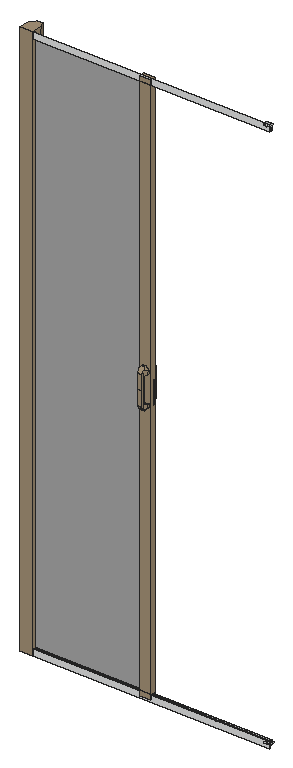
Revit family "Screen_Door_LegacySeries_PhantomScreen", category Doors, host Wall, Revit 2023
Family settings
  Host = Wall
  OmniClass Number = 23.30.60.21
  OmniClass Title = Insect Screens
  Always vertical = Yes
  Cut with Voids When Loaded = No
  Shared = No
  Room Calculation Point = No
Parameters (values of type "Type as Specified")
  URL = "http://www.phantomscreens.com/"
  Track Height = 0' - 0.931"
  Track Depth = 0' - 0.511"
  Specification = "http://www.phantomscreens.com/architects-designers/specifications-binder/"
  Slide Bar Width = 0' - 1.732"
  Slide Bar Depth = 0' - 0.866"
  Slide Bar = Dark Knotty Pine
  Sill Height = 0' - 1"
  Sill Depth = 0' - 1.54384"
  Sill [instance] = no
  Screen Thickness = 0' - 0 1/32"
  Screen = Phifer 20/20 Insect Mesh – Gray
  Sales Information = "http://www.phantomscreens.com/support/"
  Revision = "R1_08-2016"
  Product Properties = "http://www.phantomscreens.com/drive/uploads/2015/03/Legacy-Door-Design-Spec-Assembled-View.pdf"
  Product Data = "http://www.arcat.com/arcatcos/cos9540/arc40535.html"
  Percent Open [instance] = 50
  Model = "Legacy Series"
  Manufacturer Website = "http://www.phantomscreens.com/"
  Manufacturer Phone - Toll Free = ""
  Manufacturer Phone = "604-855-3654"
  Manufacturer Fax = "604-855-7834"
  Manufacturer Address = "30451 Simpson Rd.; Abbotsford; BC; Canada V2T 6C7"
  Manufacturer = "Phantom Screens"
  Keynote = "08 11 00"
  Installation-Fabrication = "http://www.phantomscreens.com/architects-designers/options/"
  Housing Width = 0' - 1 7/8"
  Housing Depth = 0' - 2 49/64"
  Handle Width = 0' - 1.266"
  Handle Height = 0' - 6.031"
  Handle Depth = 0' - 0 109/128"
  Function = Interior
  Height [instance] = 7' - 0"
  Wall Closure = By host
  Width [instance] = 3' - 0"
  Drawn By = "Sumex Design - Robert S Weygant"
  Door Opening [instance] = Width * (Percent Open / 100)  # 1' - 6"
  Description = "Phantom Screens Legacy Series Screen"
  Copyright = "� 2016 ARCAT Inc."
  Construction Details = "http://www.arcat.com/details/phantoms/95prod3445.html"
  Assembly Code = "B2020400"
  Aluminum Track = Aluminum - Flat
  Aluminum Housing = Dark Knotty Pine
Reference planes (in)
  plane 1 "Center (Front/Back)": y = 0
  plane 2 "Center (Left/Right)": x = -7.25
  plane 3 "Top": z = 84
  plane 4 "Exterior": y = 2.96884
  plane 5 "Interior": y = -3.03116
  plane 6: x = -27.125
  plane 7: z = 84.931
  plane 8: z = 0.931
  plane 9: y = 3.47984
  plane 10: y = 3.83484
  plane 11: y = 3.44859
  plane 12: x = -8.982
  plane 13 "Track Bar": x = -7.25
  plane 14: x = -25.25
  plane 15: y = 3.41734
  plane 16: y = 4.71756
  plane 17: x = 10.75
  plane 18: z = 1
  plane 19: y = 3.29405
  plane 20: y = 1.425
  plane 21: z = 42.5
  plane 22: z = 45.5155
  plane 23: z = 39.4845
  plane 24 "Handle Placement": x = -8.24596
  plane 25: x = 9.96875
  plane 26: y = 3.55502
  plane 27: y = 2.96884
  plane 28: y = 3.375
  plane 29: y = 5.48446
Forms (in)
  Extrusion 1, solid, material "Dark Knotty Pine" <- "Aluminum Housing"
    sketch origin (0, 0, 0) x (1, 0, 0) y (0, 1, 0)
      loop
        line (-27.125, 2.96884) -> (-25.25, 2.96884) -> (-25.25, 4.6231) -> (-25.74731, 5.48446) -> (-26.1875, 5.48446) -> (-26.66701, 5.48446) -> (-27.125, 4.6231) -> (-27.125, 2.96884)
    from 0 to 84.931
  Extrusion 2, solid, material "Dark Knotty Pine" <- "Slide Bar"
    sketch origin (0, 0, 0) x (1, 0, 0) y (0, 1, 0)
      loop
        line (-8.982, 3.83484) -> (-8.982, 2.96884) -> (-7.25, 2.96884) -> (-7.25, 3.64791) -> (-7.47277, 3.83484) -> (-8.982, 3.83484)
    from 1 to 84
  Extrusion 3, solid, material "Phifer 20/20 Insect Mesh – Gray" <- "Screen"
    sketch origin (0, 0, 0) x (1, 0, 0) y (0, 1, 0)
      loop
        line (-25.25, 3.44859) -> (-25.25, 3.41734) -> (-8.982, 3.41734) -> (-8.982, 3.44859) -> (-25.25, 3.44859)
    from 0.931 to 84
  Extrusion 4, solid, material "Aluminum - Flat" <- "Aluminum Track", visible <- "Sill"
    sketch origin (-7.25, 0, 0) x (0, 1, 0) y (0, 0, 1)
      loop
        line (1.44844, 1) -> (1.44844, 0.931) -> (2.91584, 0.86535) -> (2.91584, 0) -> (3.44078, 0) -> (3.44078, 0.08471) -> (2.99228, 0.08471) -> (2.99228, 0.931) -> (1.44844, 1)
    from -18 to 18
  Extrusion 5, solid, material "Aluminum - Flat"
    sketch origin (-7.25, 0, 0) x (0, 1, 0) y (0, 0, 1)
      loop
        line (3.47984, 84) -> (3.47984, 84.6095) -> (3.09384, 84.6095) -> (3.09384, 84.931) -> (2.96884, 84.931) -> (2.96884, 84) -> (3.09384, 84) -> (3.09384, 84.488) -> (3.35484, 84.488) -> (3.35484, 84) -> (3.47984, 84)
    from -18 to 18
  Extrusion 6, solid, material "Aluminum - Flat"
    sketch origin (-7.25, 0, 0) x (0, 1, 0) y (0, 0, 1)
      loop
        line (3.47984, 0.931) -> (3.35484, 0.931) -> (3.35484, 0.4365) -> (3.09384, 0.4365) -> (3.09384, 0.931) -> (2.96884, 0.931) -> (2.96884, 0) -> (3.09384, 0) -> (3.09384, 0.315) -> (3.47984, 0.315) -> (3.47984, 0.931)
    from -18 to 18
Text (in)
  text "Exterior" at (-62.02911, 27.31104, 0), in view "Ref. Level"
  text "Interior" at (-62.02911, -25.14366, 0), in view "Ref. Level"
  text "Exterior" at (0, 40.15149, 123.01588), in view "Right"
  text "Interior" at (0, -64.39139, 123.01588), in view "Right"
  text "Interior" at (0, -31.01599, 123.00693), in view "Left"
  text "Exterior" at (0, 54.57065, 123.00693), in view "Left"
Dimensions and locks (in)
  "Height": level to plane 3 "Top"
  "Track Height": plane 3 "Top" to plane 7
  "Track Height": level to plane 8
  "Track Depth": plane 9 to plane 4 "Exterior"
  "Slide Bar Depth": plane 10 to plane 4 "Exterior"
  "Screen Thickness": plane 9 to plane 11
  "Slide Bar Width": plane 12 to plane 13 "Track Bar"
  equal spacing: plane 14, plane 2 "Center (Left/Right)", plane 17
  "Screen Thickness": plane 15 to plane 11
  "Width": plane 14 to plane 17
  "Housing Width": plane 6 to plane 14
  "Door Opening": plane 13 "Track Bar" to plane 17
  "Sill Height": level to plane 18
  "Sill Depth": plane 4 "Exterior" to plane 20
  equal spacing: plane 22, plane 21, plane 23
  "Handle Height": plane 23 to plane 22
  locked: plane 13 "Track Bar" to plane 24 "Handle Placement" at 0.99596
  locked: plane 26 to plane 19 at 0.26097
  locked: plane 29 to host wall at 5.51563
  aligned and locked: plane 4 "Exterior" to host wall
  aligned and locked: plane 5 "Interior" to host wall
  aligned and locked: plane 6 to Extrusion 1 sketch curve
  aligned and locked: Extrusion 1 to level
  aligned and locked: Extrusion 1 to plane 7
  aligned and locked: plane 7 to Extrusion 1
  aligned and locked: plane 10 to Extrusion 2 sketch curve
  aligned and locked: plane 12 to Extrusion 2 sketch curve
  aligned and locked: Extrusion 2 sketch curve to plane 4 "Exterior"
  aligned and locked: Extrusion 2 sketch curve to plane 13 "Track Bar"
  aligned and locked: Extrusion 2 to plane 3 "Top"
  aligned and locked: plane 11 to Extrusion 3 sketch curve
  aligned and locked: Extrusion 3 sketch curve to plane 14
  aligned and locked: plane 15 to Extrusion 3 sketch curve
  aligned and locked: Extrusion 3 sketch curve to plane 12
  aligned and locked: Extrusion 3 to plane 3 "Top"
  aligned and locked: Extrusion 1 sketch curve to plane 4 "Exterior"
  aligned and locked: plane 18 to Extrusion 2
  aligned and locked: plane 24 "Handle Placement" to nested 1
  aligned and locked: Extrusion 2 to plane 10
  aligned and locked: nested 2 to plane 24 "Handle Placement"
  aligned and locked: nested 2 to Extrusion 2
  aligned and locked: nested 1 to plane 22
  aligned and locked: nested 2 to plane 23
  aligned and locked: plane 10 to nested 1
  aligned and locked: plane 3 "Top" to Extrusion 5 sketch curve
  aligned and locked: Extrusion 5 sketch curve to plane 7
  aligned and locked: plane 8 to Extrusion 6 sketch curve  (x2)
  aligned and locked: Extrusion 6 sketch curve to Extrusion 1
  aligned and locked: Extrusion 6 to plane 17
  aligned and locked: Extrusion 5 to plane 17
  aligned and locked: plane 14 to Extrusion 5
  aligned and locked: plane 14 to Extrusion 6
  aligned and locked: Extrusion 4 to plane 17
  aligned and locked: plane 14 to Extrusion 4
  aligned and locked: plane 27 to host wall
  aligned and locked: plane 4 "Exterior" to nested 4
  aligned and locked: nested 4 to Extrusion 6
  aligned and locked: nested 5 to plane 12
  aligned and locked: nested 5 to plane 13 "Track Bar"
  aligned and locked: plane 3 "Top" to nested 5
  aligned and locked: Extrusion 2 to plane 12
  aligned and locked: plane 13 "Track Bar" to Extrusion 2
  aligned and locked: nested 6 to Extrusion 2
  aligned and locked: nested 6 to plane 12
  aligned and locked: nested 6 to plane 10
  aligned and locked: plane 4 "Exterior" to nested 6
  aligned and locked: nested 5 to plane 10
  aligned and locked: plane 4 "Exterior" to nested 5
  aligned and locked: plane 4 "Exterior" to nested 3
  aligned and locked: plane 29 to Extrusion 1  (x2)
Automatic sketch dimensions
  Extrusion 2 sketch curve to plane 9 = 0' - 0.16807"
  Extrusion 2 sketch curve to Extrusion 2 sketch curve = 0' - 0.22277"
  plane 8 to Extrusion 4 sketch curve = 0' - 0"  (x2)
  plane 18 to Extrusion 4 sketch curve = 0' - 0"
  Extrusion 4 sketch curve to level = 0' - 0"
  plane 20 to Extrusion 4 sketch curve = 0' - 0 3/128"
  Extrusion 4 sketch curve to host wall = 0' - 0.053"
  host wall to Extrusion 4 sketch curve = 0' - 0 3/128"
  plane 11 to Extrusion 4 sketch curve = 0' - 0 1/128"
  level to Extrusion 4 sketch curve = 0' - 0.08471"
  plane 8 to Extrusion 4 sketch curve = 0' - 0.06565"
  Extrusion 5 sketch curve to Extrusion 5 sketch curve = 0' - 0 1/8"
  Extrusion 5 sketch curve to Extrusion 5 sketch curve = 0' - 0.1215"
  Extrusion 5 sketch curve to Extrusion 5 sketch curve = 0' - 0.3215"
  Extrusion 5 sketch curve to plane 9 = 0' - 0"
  Extrusion 5 sketch curve to plane 15 = 0' - 0 1/16"
  Extrusion 5 sketch curve to host wall = 0' - 0"
  Extrusion 5 sketch curve to Extrusion 5 sketch curve = 0' - 0"
  Extrusion 6 sketch curve to host wall = 0' - 0"
  Extrusion 6 sketch curve to plane 9 = 0' - 0"
  host wall to Extrusion 6 sketch curve = 0' - 0 1/8"
  Extrusion 6 sketch curve to Extrusion 6 sketch curve = 0' - 0"
  Extrusion 6 sketch curve to plane 15 = 0' - 0 1/16"
  level to Extrusion 6 sketch curve = 0' - 0.315"
  Extrusion 6 sketch curve to Extrusion 6 sketch curve = 0' - 0.1215"
  plane 3 "Top" to Extrusion 5 sketch curve = 0' - 0"
  Extrusion 1 sketch curve to plane 14 = 0' - 0"
  plane 6 to Extrusion 1 sketch curve = 0' - 0 15/16"
  plane 16 to Extrusion 1 sketch curve = 0' - 0.09446"  (x2)
  plane 6 to Extrusion 1 sketch curve = 0' - 0.45799"
  Extrusion 1 sketch curve to Extrusion 1 sketch curve = 0' - 0.44019"
  Extrusion 1 sketch curve to plane 29 = 0' - 0"
Nested families (in)
  nested 1: "Family4" at (-8.24596, 4.26062, 42.5) x (-1, 0, 0) z (0, 0, 1), type "Family4"
    with Width 0' - 1.266", Height 0' - 6.031", Depth 0' - 0 109/128"
  nested 2: "Family4" at (-8.24596, 2.54306, 42.5), type "Family4"
    with Width 0' - 1.266", Height 0' - 6.031", Depth 0' - 0 109/128"
  nested 3: "Track Latch Family" at (10.35937, 3.34384, 84.55481) x (-1, 0, 0) z (0, 0, 1), type "Track Latch Family"
  nested 4: "Lower Track Latch" at (10.35937, 3.33538, 0.4365) x (-1, 0, 0) z (0, 0, 1), type "Lower Track Latch"
  nested 5: "End Caps" at (-8.21484, 3.14023, 84), type "End Caps"
  nested 6: "End Caps" at (-8.21484, 3.14023, 0.25), type "End Caps"
Definition of nested family "Family4"
  Parameters
    Width = 0' - 1 1/2"
    Height = 0' - 6 1/32"
    Handle = none
    Depth = 0' - 1"
    Default Elevation = 0' - 0"
  Reference planes (in)
    plane 1 "Center (Front/Back)": y = 0
    plane 2: z = 0
    plane 3 "Center (Left/Right)": x = 0
    plane 4: y = 0.5
    plane 5: x = 0.75
    plane 6: y = -0.5
    plane 7: x = -0.75
    plane 8: z = 3.01562
    plane 9: z = -3.01563
  Forms (in)
    Extrusion 1, solid, material <- "Handle"
      sketch origin (0, 0, 0) x (0, 1, 0) y (0, 0, 1)
        loop
          line (0.5, 3.01562) -> (0.25, 3.01562) -> (-0.5, 2.26562) -> (-0.5, 0) -> (-0.5, -2.26563) -> (0.25, -3.01563) -> (0.5, -3.01563) -> (0.5, -2.01563) -> (0, -2.01563) -> (-0.17678, -1.83885) -> (-0.17678, 0) -> (-0.17678, 1.83885) -> (0, 2.01562) -> (0.5, 2.01562) -> (0.5, 3.01562)
      from -0.75 to 0.75
    Extrusion 2, void
      sketch origin (0, 0, 0) x (1, 0, 0) y (0, 1, 0)
        loop
          line (-0.75, 0.25) -> (-0.75, -0.5) -> (-0.32322, -0.5) -> (-0.32322, -0.25861) -> (-0.75, 0.25)
        loop
          line (0.32322, -0.25861) -> (0.32322, -0.5) -> (0.75, -0.5) -> (0.75, 0.25) -> (0.32322, -0.25861)
      from -3.01562 to 3.01562
    Extrusion 3, void
      sketch origin (0, 0, 0) x (1, 0, 0) y (0, 0, 1)
        loop
          line (-0.75, 2.51562) -> (-0.25, 3.01562) -> (-0.75, 3.01562) -> (-0.75, 2.51562)
        loop
          line (0.75, 2.51563) -> (0.75, 3.01563) -> (0.25, 3.01563) -> (0.75, 2.51563)
        loop
          line (-0.75, -2.51563) -> (-0.75, -3.01563) -> (-0.25, -3.01563) -> (-0.75, -2.51563)
        loop
          line (0.75, -2.51563) -> (0.25, -3.01563) -> (0.75, -3.01563) -> (0.75, -2.51563)
      from -0.5 to 0.5
  Cuts and joins
    Extrusion 2, Extrusion 3 cuts Extrusion 1
  Dimensions and locks (in)
    equal spacing: plane 7, plane 3 "Center (Left/Right)", plane 5
    equal spacing: plane 6, plane 1 "Center (Front/Back)", plane 4
    "Depth": plane 6 to plane 4
    "Width": plane 7 to plane 5
    equal spacing: plane 8, level, plane 9
    "Height": plane 8 to plane 9
    plane 1 "Center (Front/Back)" to Extrusion 1 = 0' - 0 1/2"
    aligned and locked: plane 2 to level
    aligned and locked: plane 7 to Extrusion 1
    aligned and locked: plane 5 to Extrusion 1
    aligned and locked: Extrusion 2 sketch curve to plane 6
    aligned and locked: plane 6 to Extrusion 2 sketch curve
    aligned and locked: plane 5 to Extrusion 2 sketch curve
    aligned and locked: Extrusion 2 sketch curve to plane 7
    aligned and locked: Extrusion 2 to plane 9
    aligned and locked: plane 8 to Extrusion 2
    aligned and locked: plane 4 to Extrusion 3
    aligned and locked: plane 6 to Extrusion 3
  Automatic sketch dimensions
    Extrusion 1 sketch curve to level = 0' - 0"  (x2)
    Extrusion 1 sketch curve to plane 1 "Center (Front/Back)" = 0' - 0"  (x2)
    Extrusion 1 sketch curve to plane 8 = 0' - 0"
    Extrusion 1 sketch curve to plane 4 = 0' - 0"  (x2)
    plane 1 "Center (Front/Back)" to Extrusion 1 sketch curve = 0' - 0.17678"
    Extrusion 1 sketch curve to Extrusion 1 sketch curve = 0' - 0 1/4"
    Extrusion 1 sketch curve to Extrusion 1 sketch curve = 0' - 1"
    Extrusion 1 sketch curve to Extrusion 1 sketch curve = 0' - 0.17678"  (x2)
    Extrusion 1 sketch curve to plane 8 = 0' - 1.17678"
    Extrusion 1 sketch curve to Extrusion 1 sketch curve = 0' - 0.42678"
    Extrusion 1 sketch curve to plane 9 = 0' - 0"
    Extrusion 1 sketch curve to plane 1 "Center (Front/Back)" = 0' - 0 1/4"
    plane 9 to Extrusion 1 sketch curve = 0' - 0 3/4"
    Extrusion 1 sketch curve to plane 6 = 0' - 0"
    Extrusion 2 sketch curve to plane 3 "Center (Left/Right)" = 0' - 0.32322"
    plane 3 "Center (Left/Right)" to Extrusion 2 sketch curve = 0' - 0.32322"
    plane 1 "Center (Front/Back)" to Extrusion 2 sketch curve = 0' - 0.25861"
    Extrusion 2 sketch curve to plane 1 "Center (Front/Back)" = 0' - 0 1/4"  (x2)
    Extrusion 2 sketch curve to Extrusion 2 sketch curve = 0' - 0.24139"
    plane 7 to Extrusion 3 sketch curve = 0' - 0"  (x2)
    Extrusion 3 sketch curve to plane 8 = 0' - 0"  (x2)
    Extrusion 3 sketch curve to plane 9 = 0' - 0"  (x2)
    Extrusion 3 sketch curve to plane 5 = 0' - 0"  (x2)
    Extrusion 3 sketch curve to plane 3 "Center (Left/Right)" = 0' - 0 1/4"  (x2)
    plane 3 "Center (Left/Right)" to Extrusion 3 sketch curve = 0' - 0 1/4"  (x2)
    plane 9 to Extrusion 3 sketch curve = 0' - 0 1/2"
    Extrusion 3 sketch curve to Extrusion 3 sketch curve = 0' - 0 1/2"
    Extrusion 3 sketch curve to plane 8 = 0' - 0 1/2"  (x2)
Definition of nested family "Track Latch Family"
  Parameters
    Width = 0' - 0 25/32"
    Upper Latch = none
    Default Elevation = 0' - 0"
  Reference planes (in)
    plane 1 "Center (Front/Back)": y = 0
    plane 2: z = 0
    plane 3 "Center (Left/Right)": x = 0
    plane 4: z = 0.34375
    plane 5: x = 0.39063
    plane 6: x = -0.39062
    plane 7: y = 0.375
    plane 8: y = -0.375
  Forms (in)
    Extrusion 1, solid, material <- "Upper Latch"
      sketch origin (0, 0, 0.05469) x (1, 0, 0) y (0, 0, 1)
        loop
          line (-0.39062, 0.28906) -> (-0.39062, 0) -> (0.01899, 0) -> (0.01899, -0.0619) -> (0.39063, 0) -> (0.39063, 0.28906) -> (-0.39062, 0.28906)
      from -0.375 to 0.375
    Extrusion 2, void
      sketch origin (0, 0, 0) x (0, 1, 0) y (0, 0, 1)
        loop
          arc (-0.375, 0.09707) -> (-0.2114, 0.25673) -> (0, 0.34375) r 0.60095
          line (0, 0.34375) -> (-0.375, 0.34375) -> (-0.375, 0.09707)
      from -0.39062 to 0.39062
    Extrusion 3, void
      sketch origin (0, 0, 0) x (1, 0, 0) y (0, 0, 1)
        loop
          line (-0.32812, 0.34375) -> (-0.32812, 0.13527) -> (-0.07812, 0.13527) -> (-0.07812, 0.34375) -> (-0.32812, 0.34375)
        loop
          line (0.0373, 0.34375) -> (0.0373, 0.13527) -> (0.28915, 0.13527) -> (0.28915, 0.34375) -> (0.0373, 0.34375)
      from -0.28879 to 0.375
  Cuts and joins
    Extrusion 2, Extrusion 3 cuts Extrusion 1
  Dimensions and locks (in)
    equal spacing: plane 5, plane 3 "Center (Left/Right)", plane 6
    "Width": plane 5 to plane 6
    equal spacing: plane 7, plane 1 "Center (Front/Back)", plane 8
    plane 7 to plane 8 = 0' - 0 3/4"
    aligned and locked: plane 2 to level
    aligned and locked: plane 7 to Extrusion 1
    aligned and locked: Extrusion 1 to plane 8
    aligned and locked: Extrusion 2 to plane 6
    aligned and locked: plane 5 to Extrusion 2
    aligned and locked: Extrusion 1 to Extrusion 3
  Automatic sketch dimensions
    Extrusion 1 sketch curve to plane 6 = 0' - 0"
    level to Extrusion 1 sketch curve = 0' - 0 7/128"  (x2)
    Extrusion 1 sketch curve to plane 5 = 0' - 0"
    plane 3 "Center (Left/Right)" to Extrusion 1 sketch curve = 0' - 0.01899"
    plane 4 to Extrusion 1 sketch curve = 0' - 0"
    Extrusion 1 sketch curve to level = 0' - 0.00721"
    Extrusion 2 sketch curve to plane 8 = 0' - 0"
    Extrusion 2 sketch curve to plane 1 "Center (Front/Back)" = 0' - 0"
    Extrusion 2 sketch curve to plane 4 = 0' - 0"
    Extrusion 2 sketch curve to plane 1 "Center (Front/Back)" = 0' - 0.11887"
    level to Extrusion 2 sketch curve = 0' - 0.09707"
    Extrusion 3 sketch curve to plane 4 = 0' - 0"  (x2)
    plane 6 to Extrusion 3 sketch curve = 0' - 0 1/16"
    Extrusion 3 sketch curve to plane 3 "Center (Left/Right)" = 0' - 0 5/64"
    plane 3 "Center (Left/Right)" to Extrusion 3 sketch curve = 0' - 0.0373"
    Extrusion 3 sketch curve to plane 5 = 0' - 0.10148"
    level to Extrusion 3 sketch curve = 0' - 0.13527"
    Extrusion 3 sketch curve to Extrusion 3 sketch curve = 0' - 0"
Definition of nested family "Lower Track Latch"
  Parameters
    Lower Latch = none
    Default Elevation = 0' - 0"
  Reference planes (in)
    plane 1 "Center (Front/Back)": y = 0
    plane 2: z = 0
    plane 3 "Center (Left/Right)": x = 0
    plane 4: z = 0.31094
    plane 5: x = -0.42075
    plane 6: x = 0.43863
    plane 7: y = -0.36654
    plane 8: y = 0.36654
  Forms (in)
    Extrusion 1, solid, material <- "Lower Latch"
      sketch origin (0, 0, 0) x (1, 0, 0) y (0, 0, 1)
        loop
          line (-0.42075, 0) -> (0.43863, 0) -> (0.43863, 0.12882) -> (0, 0.31094) -> (0, 0.12882) -> (-0.42075, 0.12882) -> (-0.42075, 0)
      from -0.36654 to 0.36654
  Dimensions and locks (in)
    plane 6 to plane 5 = 0' - 0 55/64"
    plane 6 to plane 3 "Center (Left/Right)" to plane 5 = 0' - 0.43863", 0' - 0.42075"
    plane 8 to plane 7 = 0' - 0.73308"
    equal spacing: plane 8, plane 1 "Center (Front/Back)", plane 7
    aligned and locked: plane 2 to level
    aligned and locked: Extrusion 1 to plane 3 "Center (Left/Right)"
    aligned and locked: Extrusion 1 to plane 5
    aligned and locked: plane 6 to Extrusion 1
    aligned and locked: Extrusion 1 to level
    aligned and locked: Extrusion 1 to plane 8
    aligned and locked: plane 7 to Extrusion 1
  Automatic sketch dimensions
    Extrusion 1 sketch curve to plane 5 = 0' - 0"
    Extrusion 1 sketch curve to plane 3 "Center (Left/Right)" = 0' - 0"
    Extrusion 1 sketch curve to plane 6 = 0' - 0"
    Extrusion 1 sketch curve to level = 0' - 0"
    Extrusion 1 sketch curve to plane 4 = 0' - 0"
    level to Extrusion 1 sketch curve = 0' - 0.12882"  (x2)
Definition of nested family "End Caps"
  Parameters
    End Caps = none
    Default Elevation = 0' - 0"
  Reference planes (in)
    plane 1 "Center (Front/Back)": y = 0
    plane 2: z = 0
    plane 3 "Center (Left/Right)": x = 0
    plane 4: y = 0.6946
    plane 5: x = 0.96484
    plane 6: y = -0.1714
    plane 7: x = -0.76716
    plane 8: z = 0.75
  Forms (in)
    Extrusion 1, solid, material <- "End Caps"
      sketch origin (0, 0, 0) x (1, 0, 0) y (0, 1, 0)
        loop
          line (-0.76716, 0.6946) -> (-0.76716, -0.1714) -> (0.96484, -0.1714) -> (0.96484, 0.47651) -> (0.70493, 0.6946) -> (-0.76716, 0.6946)
      from 0 to 0.75
  Lines and regions (in)
    model lines
      curve 1: line (-0.76716, 0.6946, 0) -> (0.70493, 0.6946, 0)
      curve 2: line (-0.76716, -0.1714, 0) -> (-0.76716, 0.6946, 0)
      curve 3: line (0.96484, -0.1714, 0) -> (-0.76716, -0.1714, 0)
      curve 4: line (0.96484, 0.47651, 0) -> (0.96484, -0.1714, 0)
      curve 5: line (0.96484, 0.47651, 0) -> (0.70493, 0.6946, 0)
  Dimensions and locks (in)
    aligned and locked: plane 2 to level
    aligned and locked: plane 8 to Extrusion 1
